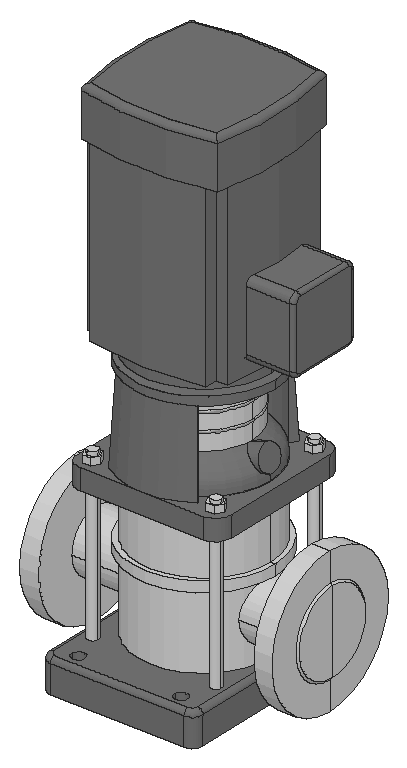
Revit family "TESK_Насос вертикальный_SVM(T)-5", category Оборудование, Revit 2019 (continued)
Types in the file's own list only (36): name | Напор максимальный | Материал_КорпусУлитка | Длина_ВспомЛиния | Высота_Перехода | Высота_Корпуса | ADSK_Полная мощность | ADSK_Номинальная мощность | ADSK_Напряжение | ADSK_Наименование | ADSK_Масса_Текст | ADSK_Масса | ADSK_Марка | ADSK_Код изделия | ADSK_Диаметр условный | Фланец_Толщина | УГО_Длина | Двигатель_Ширина | Двигатель_ОтступКоробки | Двигатель_Высота
  SVMT 5-36 5.5kW 3x380V 50Hz IE3 | 232 | TESK_Черный_Условный | 30 мм | 190 мм | 1244 мм | 6 кВ·А | 6 кВт | 400 В | "Вертикальный многоступенчатый центробежный насос SVMT, DN32, PN25, Hmax=232м (3x380V 50Hz IE3)" | "76" | 76 | "SVMT 5-36 5.5kW 3x380V 50Hz IE3" | "775-3600003380N" | 32 мм | 20 мм | 250 мм | 260 мм | 210 мм | 435 мм
